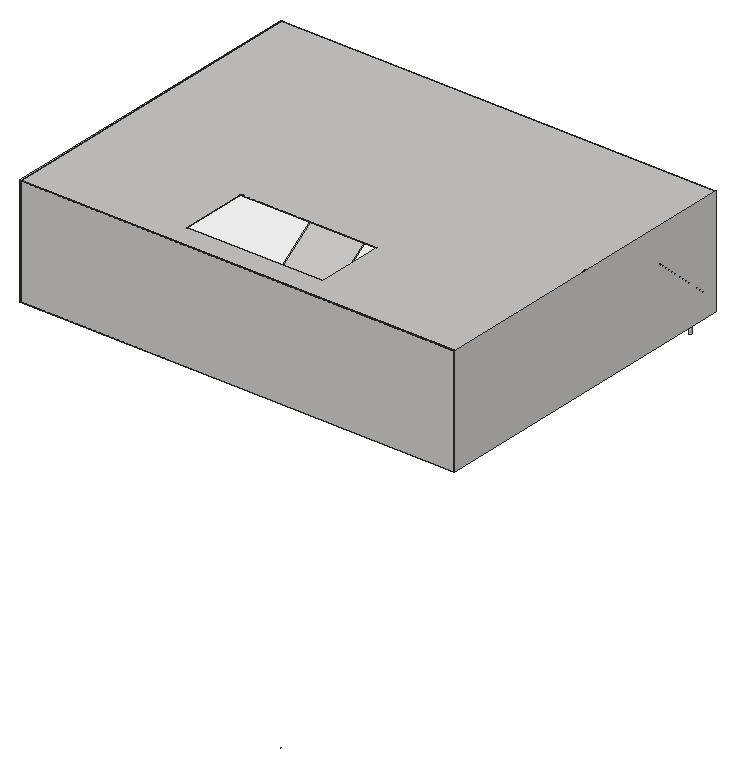
Revit family "QF_ELECTROLUXPROFESSIONAL_640189_EPF1216", category Specialty Equipment, Revit 2014
Reference planes
  plane 1: z = 0
  plane 2 "Center (Left/Right)": x = 150
  plane 3 "LEFT": x = -650
  plane 4 "RIGHT": x = 950
  plane 5 "BACK": y = 550
  plane 6 "TOP": z = 2400
  plane 7 "Base": z = 2000
  plane 8: z = 1970
  plane 9 "DrainY": y = 450
  plane 10: x = -647
  plane 11: y = -320
  plane 12: y = -570
  plane 13 "DrainX": x = 937
  plane 14 "AOLeft": x = -100
  plane 15 "AORight": x = 400
  plane 16: x = 947
  plane 17: x = -450
  plane 18: x = 750
  plane 19 "Center (Front/Back)": y = -50
  plane 20 "Front": y = -650
  plane 21: through (0, -49.6, 2399.19) normal (0, -0.5736, 0.8192)
  plane 22: x = 50
  plane 23: x = 250
Forms (mm)
  Extrusion 1, solid, material "QF_Finishes_Stainless Steel"
    sketch origin (-650, 0, 360) x (0, 1, 0) y (0, 0, 1)
      loop
        line (550, 1640) -> (550, 2040) -> (-650, 2040) -> (-650, 1640) -> (550, 1640)
    from 0 to 3
  Extrusion 2, solid, material "QF_Finishes_Stainless Steel"
    sketch origin (950, 0, 360) x (0, 1, 0) y (0, 0, 1)
      loop
        line (550, 1640) -> (550, 2040) -> (-650, 2040) -> (-650, 1640) -> (550, 1640)
    from 0 to -3
  Extrusion 3, solid, material "QF_Finishes_Stainless Steel"
    sketch origin (150, 0, 360) x (0, 1, 0) y (0, 0, 1)
      loop
        line (-650, 2040) -> (-650, 1640) -> (-640, 1640) -> (-640, 1640.8) -> (-649.2, 1640.8) -> (-649.2, 2039.19) -> (549.2, 2039.19) -> (549.2, 1640.8) -> (540, 1640.8) -> (540, 1640) -> (550, 1640) -> (550, 2040) -> (-650, 2040)
    from -800 to 800
  Extrusion 4, solid, material "QF_Finishes_Stainless Steel"
    sketch origin (0, 0, 2000) x (0, 1, 0) y (-1, 0, 0)
      loop
        circle (450, -937) r 4.763
    from -30 to 0
  Extrusion 5, void
    sketch origin (0, 0, 2400) x (0, 1, 0) y (-1, 0, 0)
      loop
        line (-320, -400) -> (-320, 100) -> (-570, 100) -> (-570, -400) -> (-320, -400)
    from 0 to -10
  Extrusion 6, solid, material "QF_Finishes_Stainless Steel"
    sketch origin (0, 0, 0) x (1, 0, 0) y (0, 1, 0)
      loop
        line (-650, 550) -> (-650, 549) -> (-649, 549) -> (-649, 550) -> (-650, 550)
    from 0 to 1
  Extrusion 7, solid, material "QF_Finishes_Stainless Steel"
    sketch origin (150, 0, 360) x (0, 1, 0) y (0, 0, 1)
      loop
        line (-131.515, 1981.832) -> (-134.381, 1985.926) -> (-573.276, 1678.608) -> (-570.553, 1674.415) -> (-131.515, 1981.832)
    from -600 to -797
  Extrusion 8, solid, material "QF_Finishes_Stainless Steel"
    sketch origin (150, 0, 360) x (0, 1, 0) y (0, 0, 1)
      loop
        line (-650, 2039.19) -> (-650, 1640) -> (-619.702, 1640) -> (-570.553, 1674.415) -> (-578.723, 1686.995) -> (-579.394, 1686.559) -> (-571.645, 1674.627) -> (-619.955, 1640.8) -> (-649.2, 1640.8) -> (-649.2, 2039.19) -> (-650, 2039.19)
      loop
        line (-49.6, 2039.19) -> (-50.995, 2039.19) -> (-131.319, 1982.947) -> (-139.464, 1994.578) -> (-140.119, 1994.12) -> (-131.515, 1981.832) -> (-49.6, 2039.19)
    from -797 to 797
  Extrusion 9, solid, material "QF_Finishes_Stainless Steel"
    sketch origin (150, 0, 360) x (0, 1, 0) y (0, 0, 1)
      loop
        line (-131.515, 1981.832) -> (-134.381, 1985.926) -> (-573.276, 1678.608) -> (-570.553, 1674.415) -> (-131.515, 1981.832)
    from 797 to 600
  Extrusion 10, solid, material "QF_Finishes_Stainless Steel"
    sketch origin (150, 0, 360) x (0, 1, 0) y (0, 0, 1)
      loop
        line (-131.515, 1981.832) -> (-134.381, 1985.926) -> (-573.276, 1678.608) -> (-570.553, 1674.415) -> (-131.515, 1981.832)
    from -100 to 100
  Extrusion 11, solid, material "QF_Finished_Chrome"
    sketch origin (150, 0, 360) x (0, 1, 0) y (0, 0, 1)
      loop
        line (-131.515, 1981.832) -> (-134.381, 1985.926) -> (-573.276, 1678.608) -> (-570.553, 1674.415) -> (-131.515, 1981.832)
    from -600 to -100
  Extrusion 12, solid, material "QF_Finished_Chrome"
    sketch origin (150, 0, 360) x (0, 1, 0) y (0, 0, 1)
      loop
        line (-131.515, 1981.832) -> (-134.381, 1985.926) -> (-573.276, 1678.608) -> (-570.553, 1674.415) -> (-131.515, 1981.832)
    from 100 to 600
  Sweep 13, solid, material "QF_Finishes_Stainless Steel"
    path origin (0, 0, 0) x (1, 0, 0) y (0, 1, 0)
      loop
        line (950, 550) -> (-650, 550) -> (-650, -650) -> (950, -650) -> (950, 550)
    profile origin (950, -50, 0) x (1, 0, 0) y (0, 0, 1)
      loop
        line (-3, 2000) -> (-3, 2000.8) -> (-19, 2000.8) -> (-19, 2010) -> (-20, 2010) -> (-20, 2000) -> (-3, 2000)
  Extrusion 14, solid, material "QF_Finishes_Stainless Steel"
    sketch origin (150, 0, 0) x (0, 1, 0) y (0, 0, 1)
      loop
        line (549.2, 2040.8) -> (549.2, 2041.877) -> (289.521, 2275.693) -> (-43.438, 2399.19) -> (-45.739, 2399.19) -> (289.099, 2274.996) -> (549.2, 2040.8)
    from -797 to 797
Cuts and joins
  Extrusion 5 cuts Extrusion 3
  joined: Extrusion 2, Extrusion 3, Sweep 13
Lines and regions (mm)
  symbolic lines, style "SpecialityEquipment", detail levels coarse
    curve 1: line (950, 550, 2400) -> (-650, 550, 2400)
    curve 2: line (-650, 550, 2400) -> (-650, -650.8, 2400)
    curve 3: line (950, -650.8, 2400) -> (950, 550, 2400)
    curve 4: line (-650, -650.8, 2400) -> (950, -650.8, 2400)
    curve 5: line (400, -570, 2400) -> (-100, -570, 2400)
    curve 6: line (400, -320, 2400) -> (400, -570, 2400)
    curve 7: line (-100, -320, 2400) -> (400, -320, 2400)
    curve 8: line (-100, -570, 2400) -> (-100, -320, 2400)
    curve 9: line (-650, 550, 0) -> (950, -650.8, 0)
    curve 10: line (950, 550, 0) -> (-650, -650.8, 0)
Dimensions and locks
  plane 3 "LEFT" to plane 4 "RIGHT" = 1600 mm
  equal spacing: plane 3 "LEFT", plane 2 "Center (Left/Right)", plane 4 "RIGHT"
  plane 7 "Base" to plane 8 = 30 mm
  plane 5 "BACK" to plane 9 "DrainY" = 100 mm  (x2)
  plane 3 "LEFT" to plane 10 = 3 mm
  plane 13 "DrainX" to plane 4 "RIGHT" = 13 mm
  plane 16 to plane 4 "RIGHT" = 3 mm
  plane 3 "LEFT" to plane 17 = 200 mm
  plane 18 to plane 4 "RIGHT" = 200 mm
  locked: plane 14 "AOLeft" to plane 15 "AORight" at 500
  equal spacing: plane 14 "AOLeft", plane 2 "Center (Left/Right)", plane 15 "AORight"
  locked: plane 7 "Base" to level at 2000
  locked: plane 6 "TOP" to plane 7 "Base" at 400
  plane 5 "BACK" to plane 20 "Front" = 1200 mm  (x2)
  equal spacing: plane 5 "BACK", plane 19 "Center (Front/Back)", plane 20 "Front"
  locked: plane 22 to plane 23 at 200
  equal spacing: plane 22, plane 2 "Center (Left/Right)", plane 23
  plane 12 to plane 20 "Front" = 80 mm
  locked: plane 11 to plane 12 at 250
  aligned and locked: level to plane 1
  aligned and locked: plane 4 "RIGHT" to Extrusion 3
  aligned and locked: Extrusion 3 to plane 3 "LEFT"
  aligned and locked: Extrusion 5 to plane 14 "AOLeft"
  aligned and locked: Extrusion 5 to plane 12
  aligned and locked: Extrusion 5 to plane 11
  aligned and locked: Extrusion 7 to plane 10
  aligned and locked: Extrusion 7 to plane 17
  aligned and locked: Extrusion 2 to plane 16
  aligned and locked: Extrusion 5 to plane 15 "AORight"
  aligned and locked: plane 15 "AORight" to curve 6
  aligned and locked: plane 16 to Extrusion 9
  aligned and locked: plane 18 to Extrusion 9
  aligned and locked: plane 23 to Extrusion 10
  aligned and locked: Extrusion 10 to plane 22
  aligned and locked: plane 22 to Extrusion 11
  aligned and locked: Extrusion 11 to plane 17
  aligned and locked: Extrusion 12 to plane 23
  aligned and locked: Extrusion 12 to plane 18
  aligned and locked: Extrusion 14 to plane 10
  aligned and locked: plane 16 to Extrusion 14
  aligned and locked: Extrusion 8 to plane 10
  aligned and locked: plane 16 to Extrusion 8
Automatic sketch dimensions
  curve 4 to plane 4 "RIGHT" = 0 mm
  curve 2 to plane 3 "LEFT" = 0 mm
  curve 5 to plane 12 = 0 mm
  plane 11 to curve 7 = 0 mm
  curve 2 to plane 5 "BACK" = 0 mm
  curve 5 to plane 14 "AOLeft" = 0 mm
  curve 4 to plane 20 "Front" = 0.8 mm
  Extrusion 1 sketch curve to plane 7 "Base" = 0 mm
  Extrusion 1 sketch curve to plane 20 "Front" = 0 mm
  Extrusion 1 sketch curve to plane 5 "BACK" = 0 mm
  Extrusion 1 sketch curve to plane 6 "TOP" = 0 mm
  Extrusion 2 sketch curve to plane 7 "Base" = 0 mm
  Extrusion 2 sketch curve to plane 20 "Front" = 0 mm
  Extrusion 2 sketch curve to plane 5 "BACK" = 0 mm
  Extrusion 2 sketch curve to plane 6 "TOP" = 0 mm
  Extrusion 3 sketch curve to plane 6 "TOP" = 0 mm
  Extrusion 3 sketch curve to plane 20 "Front" = 0 mm
  Extrusion 3 sketch curve to plane 7 "Base" = 0 mm  (x2)
  Extrusion 3 sketch curve to plane 5 "BACK" = 0 mm
  plane 20 "Front" to Extrusion 3 sketch curve = 0.8 mm
  Extrusion 3 sketch curve to Extrusion 3 sketch curve = 9.2 mm
  plane 7 "Base" to Extrusion 3 sketch curve = 0.8 mm  (x2)
  Extrusion 3 sketch curve to plane 5 "BACK" = 10 mm
  Extrusion 3 sketch curve to plane 5 "BACK" = 0.8 mm
  Extrusion 3 sketch curve to plane 6 "TOP" = 0.81 mm
  Extrusion 4 sketch curve to plane 9 "DrainY" = 0 mm
  Extrusion 4 sketch curve to plane 13 "DrainX" = 0 mm
  Extrusion 5 sketch curve to plane 12 = 0 mm
  plane 11 to Extrusion 5 sketch curve = 0 mm
  Extrusion 5 sketch curve to plane 15 "AORight" = 0 mm
  Extrusion 5 sketch curve to plane 14 "AOLeft" = 0 mm
  Extrusion 6 sketch curve to plane 3 "LEFT" = 0 mm
  Extrusion 6 sketch curve to plane 5 "BACK" = 0 mm
  plane 3 "LEFT" to Extrusion 6 sketch curve = 1 mm
  Extrusion 6 sketch curve to Extrusion 6 sketch curve = 1 mm
  Extrusion 7 sketch curve to plane 21 = 0 mm  (x2)
  plane 20 "Front" to Extrusion 7 sketch curve = 76.724 mm
  plane 7 "Base" to Extrusion 7 sketch curve = 34.415 mm
  Extrusion 7 sketch curve to plane 6 "TOP" = 54.074 mm
  Extrusion 7 sketch curve to plane 19 "Center (Front/Back)" = 84.381 mm
  Extrusion 8 sketch curve to plane 20 "Front" = 0 mm
  Extrusion 8 sketch curve to plane 7 "Base" = 0 mm
  Extrusion 8 sketch curve to plane 21 = 0 mm  (x4)
  plane 20 "Front" to Extrusion 8 sketch curve = 0.8 mm
  Extrusion 8 sketch curve to Extrusion 8 sketch curve = 0.252 mm
  Extrusion 8 sketch curve to Extrusion 8 sketch curve = 40.561 mm
  plane 7 "Base" to Extrusion 8 sketch curve = 46.995 mm
  Extrusion 8 sketch curve to Extrusion 8 sketch curve = 0.671 mm
  plane 7 "Base" to Extrusion 8 sketch curve = 34.627 mm
  Extrusion 8 sketch curve to Extrusion 8 sketch curve = 7.749 mm
  Extrusion 8 sketch curve to plane 6 "TOP" = 45.88 mm
  Extrusion 8 sketch curve to plane 19 "Center (Front/Back)" = 90.119 mm
  Extrusion 8 sketch curve to plane 6 "TOP" = 45.422 mm
  Extrusion 8 sketch curve to plane 6 "TOP" = 57.053 mm
  Extrusion 8 sketch curve to plane 6 "TOP" = 0.81 mm  (x2)
  plane 7 "Base" to Extrusion 8 sketch curve = 0.8 mm
  Extrusion 9 sketch curve to plane 21 = 0 mm  (x2)
  plane 20 "Front" to Extrusion 9 sketch curve = 76.724 mm
  plane 7 "Base" to Extrusion 9 sketch curve = 34.415 mm
  Extrusion 9 sketch curve to plane 6 "TOP" = 54.074 mm
  Extrusion 9 sketch curve to plane 19 "Center (Front/Back)" = 84.381 mm
  Extrusion 10 sketch curve to plane 21 = 0 mm  (x2)
  plane 20 "Front" to Extrusion 10 sketch curve = 76.724 mm
  plane 7 "Base" to Extrusion 10 sketch curve = 34.415 mm
  Extrusion 10 sketch curve to plane 6 "TOP" = 54.074 mm
  Extrusion 10 sketch curve to plane 19 "Center (Front/Back)" = 84.381 mm
  Extrusion 11 sketch curve to plane 21 = 0 mm  (x2)
  plane 20 "Front" to Extrusion 11 sketch curve = 76.724 mm
  plane 7 "Base" to Extrusion 11 sketch curve = 34.415 mm
  Extrusion 11 sketch curve to plane 6 "TOP" = 54.074 mm
  Extrusion 11 sketch curve to plane 19 "Center (Front/Back)" = 84.381 mm
  Extrusion 12 sketch curve to plane 21 = 0 mm  (x2)
  plane 20 "Front" to Extrusion 12 sketch curve = 76.724 mm
  plane 7 "Base" to Extrusion 12 sketch curve = 34.415 mm
  Extrusion 12 sketch curve to plane 6 "TOP" = 54.074 mm
  Extrusion 12 sketch curve to plane 19 "Center (Front/Back)" = 84.381 mm
  Sweep 13 sketch curve to plane 3 "LEFT" = 0 mm
  Sweep 13 sketch curve to plane 4 "RIGHT" = 0 mm
  Sweep 13 sketch curve to plane 20 "Front" = 0 mm
  Sweep 13 sketch curve to plane 5 "BACK" = 0 mm
  profile plane to Sweep 13 sketch curve = 20 mm
  Sweep 13 sketch curve to Sweep 13 sketch curve = 1 mm
  profile plane to Sweep 13 sketch curve = 3 mm
  level to Sweep 13 sketch curve = 2000 mm
  Sweep 13 sketch curve to Sweep 13 sketch curve = 0.8 mm
  Sweep 13 sketch curve to Sweep 13 sketch curve = 9.2 mm
  Extrusion 14 sketch curve to plane 9 "DrainY" = 160.901 mm
  Extrusion 14 sketch curve to Extrusion 14 sketch curve = 0.422 mm
  Extrusion 14 sketch curve to plane 5 "BACK" = 0.8 mm
  plane 7 "Base" to Extrusion 14 sketch curve = 40.8 mm
  Extrusion 14 sketch curve to Extrusion 14 sketch curve = 1.077 mm
  Extrusion 14 sketch curve to plane 6 "TOP" = 125.004 mm
  Extrusion 14 sketch curve to Extrusion 14 sketch curve = 0.697 mm
  Extrusion 14 sketch curve to plane 6 "TOP" = 0.81 mm
  plane 19 "Center (Front/Back)" to Extrusion 14 sketch curve = 6.562 mm
  Extrusion 14 sketch curve to Extrusion 14 sketch curve = 2.3 mm
  Extrusion 14 sketch curve to Extrusion 14 sketch curve = 0 mm
  curve 10 to plane 3 "LEFT" = 0 mm
  curve 9 to plane 3 "LEFT" = 0 mm
  curve 10 to plane 4 "RIGHT" = 0 mm
  curve 9 to plane 4 "RIGHT" = 0 mm
  curve 10 to plane 5 "BACK" = 0 mm
  curve 9 to plane 5 "BACK" = 0 mm
  curve 10 to plane 20 "Front" = 0.8 mm
  curve 9 to plane 20 "Front" = 0.8 mm
  radius of Extrusion 4 sketch curve = 4.763 mm
Connectors
  piping at (937, 450, 1970), diameter 9.5
    settings: on Extrusion 4, index 1, connector inside diameter 609.6 mm, connector length 0 mm, flow factor 0, pipe flow 0.0 L/s, pressure drop 0.0 Pa, fitting loss kfactor 0, connector angle 0.00°, fixture units 0, engagement length 0 mm, angle of deflection 0.00°, flow configuration 1, flow direction 2, fitting loss method 0, system type 16, joint type 0, gender type 0, connector reference index -1, connector utility 0, adjustable connector no, is connector primary yes, connector description "Drain"
  hvac at (150, -445, 2400)
    settings: on Extrusion 5, index 2, duct flow 0.0 L/s, flow factor 0, pres drop 0.0 Pa, loss coef 0, conn angle 0.00°, conn width 250 mm, conn height 500 mm, conn diameter 609.6 mm, duct sys type 3, conn prof type 1, flow config 1, flow direction 0, loss method 0, conn ref index -1, conn util no, is conn primary yes, conn desc "EXHAUST OUTLET"
